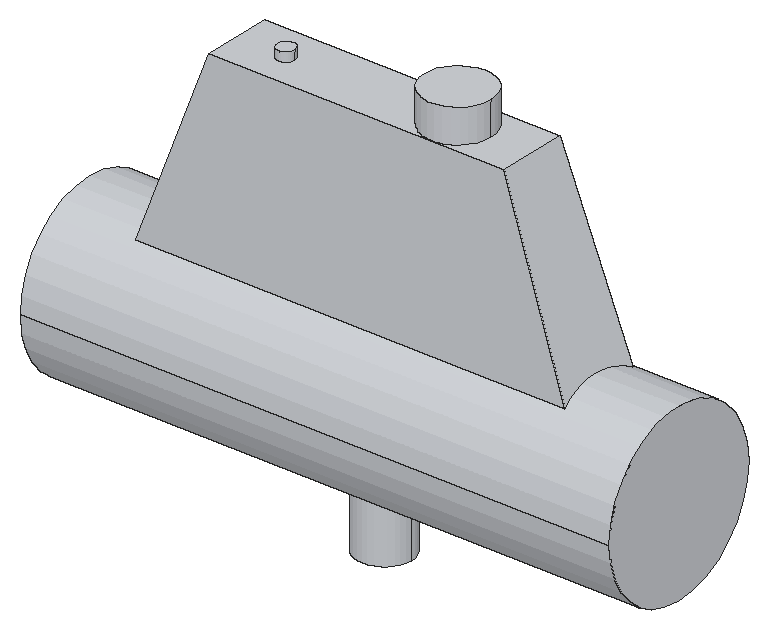
Revit family "M_Entrada de ar - 40-100 mm", category Acessórios do tubo, Revit 2019
Family settings
  Cota do conector redondo = Usar raio
  Tipo de parte = Quebra em
  Número OmniClass = 23.65.20.11.11.17
  Título OmniClass = Vents for Liquid Storage Tanks
  ID de item do Seek = Air Scoop - 40-100 mm-0000-CAN-ENU
  Com base no plano de trabalho = Não
  Sempre na vertical = Sim
  Corte com vazios quando carregada = Não
  Compartilhado = Não
Parameters (values of type "40 mm")
  Largura 2 = 3 / 4 * Diâmetro nominal  # 30 mm
  Largura 1 = 3 / 5 * Diâmetro nominal  # 24 mm
  Raio da ventilação = 1.5 mm
  Raio externo da ventilação = 2 * Raio da ventilação  # 3 mm
  Deslocamento da ventilação = 1 / 3 * Comprimento 1  # 33.833 mm
  Altura da ventilação = Diâmetro da ventilação  # 3 mm
  Fluxo da ventilação [instance] = 0.0 L/s
  Diâmetro da ventilação = Raio da ventilação * 2  # 3 mm
  Comprimento do separador = 203 mm
  Altura do separador = 152 mm
  Raio externo = 3 / 4 * Diâmetro nominal  # 30 mm
  Deslocamento 1 = 2 / 3 * Raio externo  # 20 mm
  Raio nominal = 20 mm
  Diâmetro nominal = Raio nominal * 2  # 40 mm
  Comprimento 2 = 3 / 4 * Comprimento do separador  # 152.25 mm
  Comprimento 1 = 1 / 2 * Comprimento do separador  # 101.5 mm
  K Coefficient = 1.21
  Fluxo [instance] = 1.51 L/s
  C5 Deslocamento 1 = 102 mm
  Raio do reservatório inferior = 7.5 mm
  Raio externo do reservatório inferior = 1.25 * Raio do reservatório inferior  # 9.375 mm
  Diâmetro do reservatório inferior = Raio do reservatório inferior * 2  # 15 mm
  Material do separador de ar = none
  Raio adicional do reservatório superior = 10 mm
  Raio externo adicional do reservatório superior = 1.15 * Raio adicional do reservatório superior  # 11.5 mm
  Deslocamento adicional do reservatório superior = 1 / 4 * Comprimento 1  # 25.375 mm
  Diâmetro adicional do reservatório superior = Raio adicional do reservatório superior * 2  # 20 mm
  Altura adicional do reservatório superior = Raio externo adicional do reservatório superior  # 11.5 mm
Types (6, lengths in mm): name | Largura 2 | Largura 1 | Deslocamento da ventilação | Comprimento do separador | Altura do separador | Raio externo | Deslocamento 1 | Raio nominal | Diâmetro nominal | Comprimento 2 | Comprimento 1 | K Coefficient | Fluxo | C5 Deslocamento 1 | Raio adicional do reservatório superior | Raio externo adicional do reservatório superior | Deslocamento adicional do reservatório superior | Diâmetro adicional do reservatório superior | Altura adicional do reservatório superior
  (no name) | 30 | 24 | 33.833 | 203 | 152 | 30 | 20 | 20 | 40 | 152.25 | 101.5 | 1.21 | 1.51 L/s | 102 | 10 | 11.5 | 25.375 | 20 | 11.5
  40 mm | 30 | 24 | 33.833 | 203 | 152 | 30 | 20 | 20 | 40 | 152.25 | 101.5 | 1.21 | 1.51 L/s | 102 | 10 | 11.5 | 25.375 | 20 | 11.5
  50 mm | 37.5 | 30 | 33.833 | 203 | 152 | 37.5 | 25 | 25 | 50 | 152.25 | 101.5 | 1.25 | 2.4 L/s | 102 | 10 | 11.5 | 25.375 | 20 | 11.5
  65 mm | 48.75 | 39 | 42.333 | 254 | 203 | 48.75 | 32.5 | 32.5 | 65 | 190.5 | 127 | 1.77 | 3.97 L/s | 140 | 12.5 | 14.375 | 31.75 | 25 | 14.375
  80 mm | 60 | 48 | 42.333 | 254 | 203 | 60 | 40 | 40 | 80 | 190.5 | 127 | 1.75 | 6.12 L/s | 140 | 16 | 18.4 | 31.75 | 32 | 18.4
  100 mm | 75 | 60 | 69 | 414 | 295 | 75 | 50 | 50 | 100 | 310.5 | 207 | 0.63 | 9.59 L/s | 181 | 20 | 23 | 51.75 | 40 | 23
Reference planes
  plane 1 "Centro (Frente/Trás)": y = 0
  plane 2: z = 0
  plane 3 "Centro (Esquerda/Direita)": x = 0
  plane 4: z = 20
  plane 5: z = 102
  plane 6: z = -50
  plane 7: z = 90.5
  plane 8: z = 93.5
  plane 9: y = 12
  plane 10: y = -12
  plane 11: y = 15
  plane 12: y = -15
  plane 13: x = -50.75
  plane 14: x = 50.75
  plane 15: x = -76.125
  plane 16: x = 76.125
  plane 17: x = -101.5
  plane 18: x = 101.5
  plane 19: x = -33.833
  plane 20: x = 25.375
Forms (mm)
  Extrusion 1, solid, material <- "Material do separador de ar"
    sketch origin (-101.6, -21.633, 1219.2) x (0, -1, 0) y (0, 0, 1)
      loop
        circle (-21.633, -1219.2) r 30
    from -203.1 to -0.1
  Blend 2, solid, material <- "Material do separador de ar"
    base sketch origin (0, 0, 0) x (1, 0, 0) y (0, 1, 0)
      loop
        line (-76.125, 15) -> (-76.125, -15) -> (76.125, -15) -> (76.125, 15) -> (-76.125, 15)
    top sketch origin (0, 0, 0) x (1, 0, 0) y (0, 1, 0)
      loop
        line (-50.75, 12) -> (-50.75, -12) -> (50.75, -12) -> (50.75, 12) -> (-50.75, 12)
    from 20 to 90.5
  Extrusion 3, solid, material <- "Material do separador de ar"
    sketch origin (0, 0, 0) x (1, 0, 0) y (0, 1, 0)
      loop
        circle (-33.833, 0) r 3
    from 90.5 to 93.5
  Extrusion 4, solid, material <- "Material do separador de ar"
    sketch origin (0, 0, 0) x (1, 0, 0) y (0, 1, 0)
      loop
        circle (25.375, 0) r 11.5
    from 90.5 to 102
  Extrusion 5, solid, material <- "Material do separador de ar"
    sketch origin (0, 0, 0) x (1, 0, 0) y (0, 1, 0)
      loop
        circle (0, 0) r 9.375
    from -50 to 0
Cuts and joins
  joined: Extrusion 1, Blend 2, Extrusion 3, Extrusion 4, Extrusion 5
Dimensions and locks
  "Deslocamento 1": plane 4 to plane 2
  "C5 Deslocamento 1": plane 5 to plane 2
  "Altura do separador": plane 5 to plane 6
  "Altura adicional do reservatório superior": plane 5 to plane 7
  "Altura da ventilação": plane 8 to plane 7
  equal spacing: plane 9, plane 1 "Centro (Frente/Trás)", plane 10
  "Largura 1": plane 9 to plane 10
  equal spacing: plane 11, plane 1 "Centro (Frente/Trás)", plane 12
  "Largura 2": plane 11 to plane 12
  equal spacing: plane 13, plane 3 "Centro (Esquerda/Direita)", plane 14
  "Comprimento 1": plane 13 to plane 14
  equal spacing: plane 15, plane 3 "Centro (Esquerda/Direita)", plane 16
  "Comprimento 2": plane 15 to plane 16
  equal spacing: plane 17, plane 3 "Centro (Esquerda/Direita)", plane 18
  "Comprimento do separador": plane 17 to plane 18
  "Deslocamento da ventilação": plane 19 to plane 3 "Centro (Esquerda/Direita)"
  "Deslocamento adicional do reservatório superior": plane 3 "Centro (Esquerda/Direita)" to plane 20
  "Raio externo": radius of Extrusion 1 sketch curve
  "Raio externo da ventilação": radius of Extrusion 3 sketch curve
  "Raio externo adicional do reservatório superior": radius of Extrusion 4 sketch curve
  "Raio externo do reservatório inferior": radius of Extrusion 5 sketch curve
  aligned and locked: plane 2 to Extrusion 1 sketch curve
  aligned and locked: plane 1 "Centro (Frente/Trás)" to Extrusion 1 sketch curve
  aligned and locked: plane 18 to Extrusion 1
  aligned and locked: plane 17 to Extrusion 1
  aligned and locked: plane 15 to Blend 2 sketch curve
  aligned and locked: Blend 2 sketch curve to plane 11
  aligned and locked: Blend 2 sketch curve to plane 16
  aligned and locked: plane 13 to Blend 2 sketch curve
  aligned and locked: Blend 2 sketch curve to plane 9
  aligned and locked: Blend 2 sketch curve to plane 14
  aligned and locked: Blend 2 sketch curve to plane 12
  aligned and locked: plane 10 to Blend 2 sketch curve
  aligned and locked: Blend 2 sketch curve to plane 13
  aligned and locked: Blend 2 sketch curve to plane 15
  aligned and locked: Blend 2 to plane 4
  aligned and locked: plane 7 to Blend 2
  aligned and locked: plane 1 "Centro (Frente/Trás)" to Extrusion 3 sketch curve
  aligned and locked: plane 19 to Extrusion 3 sketch curve
  aligned and locked: Extrusion 3 to plane 7
  aligned and locked: plane 8 to Extrusion 3
  aligned and locked: plane 20 to Extrusion 4 sketch curve
  aligned and locked: plane 1 "Centro (Frente/Trás)" to Extrusion 4 sketch curve
  aligned and locked: Extrusion 4 to plane 7
  aligned and locked: plane 5 to Extrusion 4
  aligned and locked: plane 1 "Centro (Frente/Trás)" to Extrusion 5 sketch curve
  aligned and locked: plane 3 "Centro (Esquerda/Direita)" to Extrusion 5 sketch curve
  aligned and locked: Extrusion 5 to plane 6
  aligned and locked: level to Extrusion 5
Connectors
  piping at (-101.5, 0, 0), diameter 40, driven by "Raio nominal"
    settings: on cut or joined group of Extrusion 1, Blend 2, Extrusion 3, Extrusion 4, Extrusion 5, index 1, connector inside diameter 40 mm, connector length 0 mm, flow factor 0, pipe flow 0.0 L/s, pressure drop 0.0 Pa, fitting loss kfactor 0, connector angle 0.00°, fixture units 0, engagement length 0 mm, angle of deflection 0.00°, flow configuration 0, flow direction 0, fitting loss method 2, system type 29, joint type 0, gender type 0, connector reference index 2, connector utility 0, adjustable connector no, is connector primary yes, connector description "Conectado a entrada da caldeira/resfriador"
  piping at (101.5, 0, 0), diameter 40, driven by "Raio nominal", driven by "K Coefficient"
    settings: on cut or joined group of Extrusion 1, Blend 2, Extrusion 3, Extrusion 4, Extrusion 5, index 2, connector inside diameter 40 mm, connector length 0 mm, flow factor 0, pipe flow 0.0 L/s, pressure drop 0.0 Pa, fitting loss kfactor 1.21, connector angle 0.00°, fixture units 0, engagement length 0 mm, angle of deflection 0.00°, flow configuration 0, flow direction 0, fitting loss method 2, system type 29, joint type 0, gender type 0, connector reference index 1, connector utility 0, adjustable connector no, is connector primary no, connector description "Conectado a saída da bomba"
  piping at (-33.833, 0, 93.5), diameter 3, driven by "Raio da ventilação"
    settings: on Extrusion 3, index 3, connector inside diameter 3 mm, connector length 0 mm, flow factor 0, pipe flow 0.0 L/s, pressure drop 0.0 Pa, fitting loss kfactor 0, connector angle 0.00°, fixture units 0, engagement length 0 mm, angle of deflection 0.00°, flow configuration 1, flow direction 2, fitting loss method 0, system type 29, joint type 0, gender type 0, connector reference index -1, connector utility 0, adjustable connector no, is connector primary no, connector description "Conectado a ventilação ou diafragma/saída do reservatório de compressão"
  piping at (0, 0, -50), diameter 15, driven by "Raio do reservatório inferior"
    settings: on cut or joined group of Extrusion 1, Blend 2, Extrusion 3, Extrusion 4, Extrusion 5, index 4, connector inside diameter 15 mm, connector length 0 mm, flow factor 0, pipe flow 0.0 L/s, pressure drop 0.0 Pa, fitting loss kfactor 0, connector angle 0.00°, fixture units 0, engagement length 0 mm, angle of deflection 0.00°, flow configuration 1, flow direction 1, fitting loss method 0, system type 29, joint type 0, gender type 0, connector reference index -1, connector utility 0, adjustable connector no, is connector primary no, connector description "Conectado ao diafragma/saída do reservatório de compressão"
  piping at (25.375, 0, 102), diameter 20, driven by "Raio adicional do reservatório superior"
    settings: on Extrusion 4, index 5, connector inside diameter 20 mm, connector length 0 mm, flow factor 0, pipe flow 0.0 L/s, pressure drop 0.0 Pa, fitting loss kfactor 0, connector angle 0.00°, fixture units 0, engagement length 0 mm, angle of deflection 0.00°, flow configuration 1, flow direction 2, fitting loss method 0, system type 29, joint type 0, gender type 0, connector reference index -1, connector utility 0, adjustable connector no, is connector primary no, connector description "Conectado a saída do reservatório de expansão liso"
